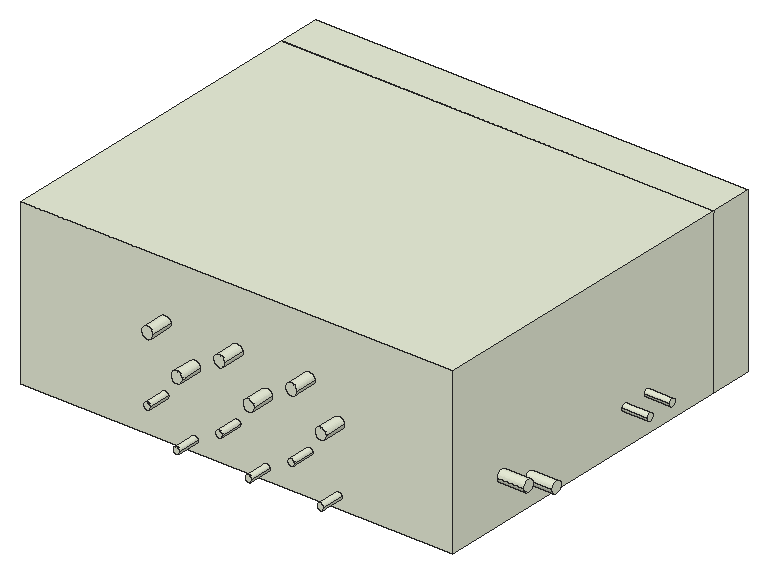
Revit family "Midea_VRF_MS06_E", category Mechanical Equipment, Revit 2013
Parameters (values of type "MS06/N1-D")
  clearance [instance] = no
  Width = 660.000 mm
  URL = ""
  Series = "MS box"
  Power supply = "220-240V 1N~50Hz/60Hz"
  Number of branches = 6
  Net Weight = 37.00 kg
  Model = "MS06/N1-D"
  Minimum Circuit Amps = 0.63 A
  Maximum Fuse Amps = 15 A
  Max. capacity index of connectable indoor units per branch = 16.000 kW
  Max. capacity index of connectable indoor units = 63.000 kW
  Max. No. of connectable indoor units per branch = 5
  Max. No. of connectable indoor units = 30
  Manufacturer = "Midea"
  Machine material = Galvanized Steel
  Low pressure gas pipe to ODU = "∅19.05/∅22.2/∅28.6"
  Liquid pipes to IDU = "∅6.35/∅9.52"
  Liquid pipe  to ODU = "∅9.52/∅12.7/∅15.9/∅19.05"
  Installation = "Indoor installation"
  High pressure gas pipe to ODU = "∅15.9/∅19.05/∅22.2/∅28.6"
  Height = 250.000 mm
  Heating Power Input = 115 W
  Gas pipes to IDU = "∅12.7/∅15.9"
  Gas = "R410A"
  Description = ""
  Depth = 574.000 mm
  Cooling Power Input = 115 W
  Condensation = ""
  Casing color = SB2014
Reference planes
  plane 1: z = 0
  plane 2 "中心(左/右)": x = 0
  plane 3: y = -374.3
  plane 4: x = -330
  plane 5: x = 330
  plane 6: y = -59.3
  plane 7: y = -624.3
  plane 8: z = 250
Forms (mm)
  Extrusion 1, solid, material "Galvanized Steel", detail levels medium+fine
    sketch origin (120, -1462, 378.197) x (0, -1, 0) y (1, 0, 0)
      loop
        line (-837.7, -450) -> (-837.7, 210) -> (-1337.7, 210) -> (-1337.7, -450) -> (-837.7, -450)
    from -378.197 to -128.197
  Extrusion 2, solid, material "Galvanized Steel", detail levels medium+fine
    sketch origin (120, -1109.5, 378.197) x (0, -1, 0) y (1, 0, 0)
      loop
        line (-985.2, -450) -> (-985.2, 210) -> (-1050.2, 210) -> (-1050.2, -450) -> (-985.2, -450)
    from -378.197 to -128.197
  Extrusion 3, solid, material "Galvanized Steel"
    sketch origin (1148, -1524, 0) x (0, 0, 1) y (0, -1, 0)
      loop
        circle (41.271, -1046.168) r 8.5
    from -818 to -776
  Extrusion 4, solid, material "Galvanized Steel"
    sketch origin (1148, -1300.408, 17.041) x (0, 0, 1) y (0, -1, 0)
      loop
        circle (41.271, -1046.168) r 5
    from -818 to -778
  Extrusion 5, solid, material "Galvanized Steel"
    sketch origin (-1148, -1524, 0) x (0, 0, 1) y (0, 1, 0)
      loop
        circle (41.271, 1046.168) r 7
    from -818 to -776
  Extrusion 6, solid, material "Galvanized Steel"
    sketch origin (-1148, -1404, 20) x (0, 0, 1) y (0, 1, 0)
      loop
        circle (41.271, 1046.168) r 5
    from -818 to -776
  Extrusion 7, solid, material "Galvanized Steel"
    sketch origin (-1148, -1469, 0) x (0, 0, 1) y (0, 1, 0)
      loop
        circle (41.271, 1046.168) r 8.5
    from -818 to -776
  Extrusion 8, solid, material "Galvanized Steel"
    sketch origin (160, -624.3, 378.197) x (1, 0, 0) y (0, 0, 1)
      loop
        circle (-268.631, -215.284) r 8.5
    from 0 to 34
  Extrusion 9, solid, material "Galvanized Steel"
    sketch origin (270, -624.3, 378.197) x (1, 0, 0) y (0, 0, 1)
      loop
        circle (-268.631, -215.284) r 8.5
    from 0 to 34
  Extrusion 10, solid, material "Galvanized Steel"
    sketch origin (160, -624.3, 278.197) x (1, 0, 0) y (0, 0, 1)
      loop
        circle (-268.631, -215.284) r 5
    from 0 to 34
  Extrusion 11, solid, material "Galvanized Steel"
    sketch origin (270, -624.3, 278.197) x (1, 0, 0) y (0, 0, 1)
      loop
        circle (-268.631, -215.284) r 5
    from 0 to 34
  Extrusion 12, solid, material "Galvanized Steel"
    sketch origin (205, -624.3, 333.197) x (1, 0, 0) y (0, 0, 1)
      loop
        circle (-268.631, -215.284) r 8.5
    from 0 to 34
  Extrusion 13, solid, material "Galvanized Steel"
    sketch origin (315, -624.3, 333.197) x (1, 0, 0) y (0, 0, 1)
      loop
        circle (-268.631, -215.284) r 8.5
    from 0 to 34
  Extrusion 14, solid, material "Galvanized Steel"
    sketch origin (205, -624.3, 233.197) x (1, 0, 0) y (0, 0, 1)
      loop
        circle (-268.631, -215.284) r 5
    from 0 to 34
  Extrusion 15, solid, material "Galvanized Steel"
    sketch origin (315, -624.3, 233.197) x (1, 0, 0) y (0, 0, 1)
      loop
        circle (-268.631, -215.284) r 5
    from 0 to 34
  Extrusion 16, solid, material "Galvanized Steel"
    sketch origin (1148, -1342.925, 15.845) x (0, 0, 1) y (0, -1, 0)
      loop
        circle (41.271, -1046.168) r 5
    from -818 to -778
  Extrusion 17, solid, material "Galvanized Steel"
    sketch origin (1148, -1577.669, 25.588) x (0, 0, 1) y (0, -1, 0)
      loop
        circle (41.271, -1046.168) r 8.5
    from -818 to -776
  Extrusion 18, solid, material "Galvanized Steel"
    sketch origin (380, -624.3, 378.197) x (1, 0, 0) y (0, 0, 1)
      loop
        circle (-268.631, -215.284) r 8.5
    from 0 to 34
  Extrusion 19, solid, material "Galvanized Steel"
    sketch origin (380, -624.3, 278.197) x (1, 0, 0) y (0, 0, 1)
      loop
        circle (-268.631, -215.284) r 5
    from 0 to 34
  Extrusion 20, solid, material "Galvanized Steel"
    sketch origin (425, -624.3, 333.197) x (1, 0, 0) y (0, 0, 1)
      loop
        circle (-268.631, -215.284) r 8.5
    from 0 to 34
  Extrusion 21, solid, material "Galvanized Steel"
    sketch origin (425, -624.3, 233.197) x (1, 0, 0) y (0, 0, 1)
      loop
        circle (-268.631, -215.284) r 5
    from 0 to 34
Lines and regions (mm)
  model lines, not visible
    curve 1: circle (177.54, 182, 460) r 280 normal (0, 1, 0)
    curve 2: circle (177.54, 182, 460) r 240 normal (0, 1, 0)
    curve 3: circle (177.54, 182, 460) r 200 normal (0, 1, 0)
    curve 4: circle (177.54, 182, 460) r 160 normal (0, 1, 0)
    curve 5: circle (177.54, 182, 460) r 120 normal (0, 1, 0)
    curve 6: circle (177.54, 182, 460) r 80 normal (0, 1, 0)
    curve 7: circle (177.54, 182, 460) r 40 normal (0, 1, 0)
    curve 8: arc (177.54, 182, 740) -> (273.688, 182, 600) -> (177.54, 182, 460) r 150
    curve 9: arc (177.54, 182, 460) -> (37.54, 182, 556.148) -> (-102.46, 182, 460) r 150
    curve 10: arc (177.54, 182, 460) -> (81.391, 182, 320) -> (177.54, 182, 180) r 150
    curve 11: arc (177.54, 182, 460) -> (317.54, 182, 363.852) -> (457.54, 182, 460) r 150
    curve 12: line (-151.4, 182, 818) -> (-151.4, 182, 178)
    curve 13: line (448.6, 182, 818) -> (448.6, 182, 178)
    curve 14: line (448.6, 182, 818) -> (-151.4, 182, 818)
    curve 15: line (448.6, 182, 178) -> (-151.4, 182, 178)
    curve 16: circle (148.6, 182, 498) r 280 normal (0, 1, 0)
    curve 17: circle (148.6, 182, 498) r 240 normal (0, 1, 0)
    curve 18: circle (148.6, 182, 498) r 200 normal (0, 1, 0)
    curve 19: circle (148.6, 182, 498) r 160 normal (0, 1, 0)
    curve 20: circle (148.6, 182, 498) r 120 normal (0, 1, 0)
    curve 21: circle (148.6, 182, 498) r 80 normal (0, 1, 0)
    curve 22: circle (148.6, 182, 498) r 40 normal (0, 1, 0)
    curve 23: arc (148.6, 182, 778) -> (244.748, 182, 638) -> (148.6, 182, 498) r 150
    curve 24: arc (148.6, 182, 498) -> (8.6, 182, 594.148) -> (-131.4, 182, 498) r 150
    curve 25: arc (148.6, 182, 498) -> (52.452, 182, 358) -> (148.6, 182, 218) r 150
    curve 26: arc (148.6, 182, 498) -> (288.6, 182, 401.852) -> (428.6, 182, 498) r 150
    curve 27: line (-327.463, 0, 542.426) -> (-398.173, 0, 613.137)
    curve 28: line (-341.605, 0, 528.284) -> (-412.315, 0, 598.995)
    curve 29: arc (-327.463, 0, 542.426) -> (-327.463, 0, 528.284) -> (-341.605, 0, 528.284) r 10
    curve 30: line (-327.463, 0, 602.426) -> (-398.173, 0, 673.137)
    curve 31: line (-341.605, 0, 588.284) -> (-412.315, 0, 658.995)
    curve 32: arc (-327.463, 0, 602.426) -> (-327.463, 0, 588.284) -> (-341.605, 0, 588.284) r 10
    curve 33: line (-327.463, 0, 662.426) -> (-398.173, 0, 733.137)
    curve 34: line (-341.605, 0, 648.284) -> (-412.315, 0, 718.995)
    curve 35: arc (-327.463, 0, 662.426) -> (-327.463, 0, 648.284) -> (-341.605, 0, 648.284) r 10
    curve 36: line (-412.315, 0, 733.137) -> (-468.884, 0, 789.706)
    curve 37: line (-468.884, 0, 789.706) -> (-468.884, 0, 964.3)
    curve 38: line (-327.463, 0, 528.284) -> (-302.714, 0, 503.536)
    curve 39: line (-302.714, 0, 503.536) -> (-302.714, 0, 31.9)
    curve 40: line (-327.463, 0, 542.426) -> (-398.173, 0, 613.137)
    curve 41: line (-341.605, 0, 528.284) -> (-412.315, 0, 598.995)
    curve 42: arc (-398.173, 0, 613.137) -> (-412.315, 0, 613.137) -> (-412.315, 0, 598.995) r 10
    curve 43: arc (-327.463, 0, 542.426) -> (-327.463, 0, 528.284) -> (-341.605, 0, 528.284) r 10
    curve 44: line (-327.463, 0, 602.426) -> (-398.173, 0, 673.137)
    curve 45: line (-341.605, 0, 588.284) -> (-412.315, 0, 658.995)
    curve 46: arc (-398.173, 0, 673.137) -> (-412.315, 0, 673.137) -> (-412.315, 0, 658.995) r 10
    curve 47: arc (-327.463, 0, 602.426) -> (-327.463, 0, 588.284) -> (-341.605, 0, 588.284) r 10
    curve 48: line (-327.463, 0, 662.426) -> (-398.173, 0, 733.137)
    curve 49: line (-341.605, 0, 648.284) -> (-412.315, 0, 718.995)
    curve 50: arc (-398.173, 0, 733.137) -> (-412.315, 0, 733.137) -> (-412.315, 0, 718.995) r 10
    curve 51: arc (-327.463, 0, 662.426) -> (-327.463, 0, 648.284) -> (-341.605, 0, 648.284) r 10
    curve 52: line (-412.315, 0, 733.137) -> (-468.884, 0, 789.706)
    curve 53: line (-468.884, 0, 789.706) -> (-468.884, 0, 964.3)
    curve 54: line (-327.463, 0, 528.284) -> (-302.714, 0, 503.536)
    curve 55: line (-302.714, 0, 503.536) -> (-302.714, 0, 31.9)
  model lines
    curve 56: line (-330, -124.3, 250) -> (330, -124.3, 250)
    curve 57: line (330, -624.3, 250) -> (330, -124.3, 250)
    curve 58: line (-330, -624.3, 250) -> (330, -624.3, 250)
    curve 59: line (-330, -124.3, 250) -> (-330, -624.3, 250)
    curve 60: line (-330, -624.3, 0) -> (330, -624.3, 0)
    curve 61: line (330, -624.3, 0) -> (330, -124.3, 0)
    curve 62: line (-330, -124.3, 0) -> (330, -124.3, 0)
    curve 63: line (-330, -124.3, 0) -> (-330, -624.3, 0)
Dimensions and locks
  aligned and locked: level to plane 1
Nested families
  nested 1: "Beautiful-Dao-Lagou-White" at (330, -239.129, 192) x (0, 1, 0) z (0, 0, 1), type "Dao-Lagou", not visible, detail levels fine
  nested 2: "Beautiful-Dao-Lagou-White" at (330, -557.107, 192) x (0, 1, 0) z (0, 0, 1), type "Dao-Lagou", not visible, detail levels fine
  nested 3: "Beautiful-Dao-Lagou-White" at (-330, -557.107, 192) x (0, 1, 0) z (0, 0, 1), type "Dao-Lagou", not visible, detail levels fine
  nested 4: "Beautiful-Dao-Lagou-White" at (-330, -239.129, 192) x (0, 1, 0) z (0, 0, 1), type "Dao-Lagou", not visible, detail levels fine
  nested 5: "Midea service space" at (-330, -59.3, 0), visible <- "clearance", Height <- "Height", type "Midea Service  Space"
    with Width 660.000 mm, Height 250.000 mm, Depth 400.000 mm
  nested 6: "Midea service space" at (-330, -1324.3, 0), visible <- "clearance", Height <- "Height", type "Midea Service  Space"
    with Width 660.000 mm, Height 250.000 mm, Depth 700.000 mm
  nested 7: "Midea service space" at (330, -624.3, 0), visible <- "clearance", Height <- "Height", type "Midea Service  Space"
    with Width 400.000 mm, Height 250.000 mm, Depth 565.000 mm
  nested 8: "Midea service space" at (-830, -624.3, 0), visible <- "clearance", Height <- "Height", type "Midea Service  Space"
    with Width 500.000 mm, Height 250.000 mm, Depth 565.000 mm
Connectors
  electrical at (330, -91.8, 125)
    settings: on Extrusion 2, index 1, voltage 220 V, apparent load 0 VA, apparent load phase1 0 VA, apparent load phase2 0 VA, apparent load phase3 0 VA, power factor 1, load classification "Other", number of poles 1, system type 30, power factor state 1, is connector primary yes, connector utility no, sub classification motor no, connector description ""
  piping at (370, -254.239, 58.313)
    settings: on Extrusion 4, index 2, connector radius 3.175 mm, flow factor 0, pipe flow 0.0 L/s, pressure drop 0.0 Pa, fitting loss kfactor 0, connector angle 0.00°, fixture units 0, engagement length 0.000 mm, flow configuration 0, flow direction 0, fitting loss method 0, system type 19, joint type 0, gender type 0, connector reference index -1, connector utility 0, adjustable connector no, is connector primary yes, fitting loss table "", connector description "Liquid pipes to IDU"
  piping at (372, -477.832, 41.271)
    settings: on Extrusion 3, index 3, connector radius 6.35 mm, flow factor 0, pipe flow 0.0 L/s, pressure drop 0.0 Pa, fitting loss kfactor 0, connector angle 0.00°, fixture units 0, engagement length 0.000 mm, flow configuration 0, flow direction 0, fitting loss method 0, system type 19, joint type 0, gender type 0, connector reference index -1, connector utility 0, adjustable connector no, is connector primary no, fitting loss table "", connector description "Gas pipes to IDU"
  piping at (-372, -357.832, 61.271)
    settings: on Extrusion 6, index 4, connector radius 4.76 mm, flow factor 0, pipe flow 0.0 L/s, pressure drop 0.0 Pa, fitting loss kfactor 0, connector angle 0.00°, fixture units 0, engagement length 0.000 mm, flow configuration 0, flow direction 0, fitting loss method 0, system type 19, joint type 0, gender type 0, connector reference index -1, connector utility 0, adjustable connector no, is connector primary no, fitting loss table "", connector description "Liquid pipe  to ODU"
  piping at (-372, -422.832, 41.271)
    settings: on Extrusion 7, index 5, connector radius 9.525 mm, flow factor 0, pipe flow 0.0 L/s, pressure drop 0.0 Pa, fitting loss kfactor 0, connector angle 0.00°, fixture units 0, engagement length 0.000 mm, flow configuration 0, flow direction 0, fitting loss method 0, system type 19, joint type 0, gender type 0, connector reference index -1, connector utility 0, adjustable connector no, is connector primary no, fitting loss table "", connector description "Low pressure gas pipe to ODU"
  piping at (-372, -477.832, 41.271)
    settings: on Extrusion 5, index 6, connector radius 7.95 mm, flow factor 0, pipe flow 0.0 L/s, pressure drop 0.0 Pa, fitting loss kfactor 0, connector angle 0.00°, fixture units 0, engagement length 0.000 mm, flow configuration 0, flow direction 0, fitting loss method 0, system type 19, joint type 0, gender type 0, connector reference index -1, connector utility 0, adjustable connector no, is connector primary no, fitting loss table "", connector description "High pressure gas pipe to ODU"
Definition of nested family "Beautiful-Dao-Lagou-White"
  Parameters (values of type "Dao-Lagou")
    Machine material = Midea White
  Reference planes
    plane 1 "Center (Front/Back)": y = 0
    plane 2: z = 0
    plane 3 "Center (Left/Right)": x = 0
  Forms (mm)
    Extrusion 1, solid, material "Midea White" <- "Machine material"
      sketch origin (0, 0, 18) x (0, 1, 0) y (0, 0, 1)
        loop
          line (0, -18) -> (0, 40) -> (-42, 40) -> (-42, 35) -> (-40, 35) -> (-40, 38) -> (-2, 38) -> (-2, -18) -> (0, -18)
      from 0 to 40
    Extrusion 2, void
      sketch origin (0, 0, 0) x (1, 0, 0) y (0, 1, 0)
        loop
          line (14, -30) -> (14, -42) -> (26, -42) -> (26, -30) -> (26, -12)
          arc (26, -12) -> (20, -6) -> (14, -12) r 6
          line (14, -12) -> (14, -30)
      from 53 to 58
  Cuts and joins
    Extrusion 2 cuts Extrusion 1
  Dimensions and locks
    aligned and locked: level to plane 2
Definition of nested family "Midea service space"
  Parameters (values of type "Midea Service  Space")
    Width [instance] = 500.000 mm
    Height [instance] = 500.000 mm
    Depth [instance] = 500.000 mm
  Reference planes
    plane 1 "Center (Front/Back)": y = 0
    plane 2: z = 0
    plane 3 "Center (Left/Right)": x = 0
    plane 4: z = 500
    plane 5: y = 500
    plane 6: x = 500
  Forms (mm)
    Extrusion 1, solid, material "Midea Service Space-HDY"
      sketch origin (0, 0, 0) x (1, 0, 0) y (0, 1, 0)
        loop
          line (0, 500) -> (0, 0) -> (500, 0) -> (500, 500) -> (0, 500)
      from 0 to 500
  Dimensions and locks
    "Width": plane 3 "Center (Left/Right)" to plane 6
    "Depth": plane 5 to plane 1 "Center (Front/Back)"
    "Height": level to plane 4
    aligned and locked: level to plane 2
    aligned and locked: plane 5 to Extrusion 1
    aligned and locked: Extrusion 1 to plane 6
    aligned and locked: Extrusion 1 to plane 3 "Center (Left/Right)"
    aligned and locked: plane 1 "Center (Front/Back)" to Extrusion 1
    aligned and locked: Extrusion 1 to plane 4
  Automatic sketch dimensions
    Extrusion 1 sketch curve to plane 3 "Center (Left/Right)" = 0.000 mm
    plane 1 "Center (Front/Back)" to Extrusion 1 sketch curve = 0.000 mm
    Extrusion 1 sketch curve to plane 6 = 0.000 mm
    Extrusion 1 sketch curve to plane 5 = 0.000 mm
